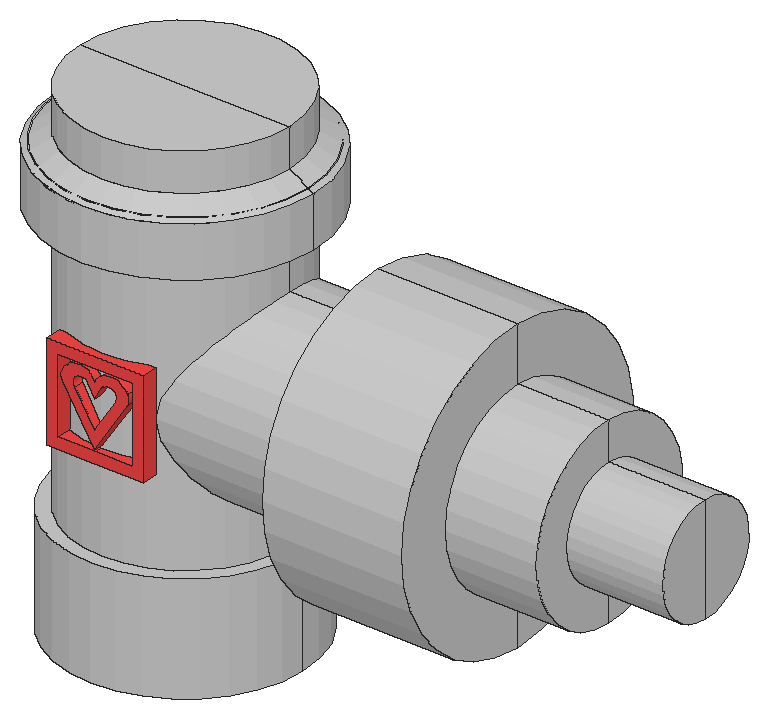
Revit family "RL-5 Rücklaufventil Eck 3924", category Rohrzubehör, Revit 2018
Family settings
  Bemaßung runder Anschluss = Durchmesser verwenden
  Teiletyp = Unterbricht
  OmniClass-Nummer = 23.65.55.14
  OmniClass-Titel = Valves for Liquid Services
  Arbeitsebenenbasiert = Nein
  Immer vertikal = Nein
  Beim Laden mit Abzugskörper schneiden = Nein
  Gemeinsam genutzt = Nein
Parameters
  W01 = 120.00°  # constant formula
  URL = "www.herz-armaturen.at"
  SCRNSEQ = "ARM;ARM_TYP=\"ALLF\";2"
  SCRNCODE = "05;01;02"  # constant formula
  S04 = 45.000 mm  # constant formula
  S03 [instance] = H02 - 5.000 mm + 41.000 mm  # 54.000 mm
  S02 [instance] = L04 + L03 - L02  # 23.000 mm
  S01 = 10.000 mm  # constant formula
  R04 = 9.750 mm  # constant formula
  R03 = 12.000 mm  # constant formula
  R02 = 9.750 mm  # constant formula
  Nennweite [instance] = 10.000 mm
  Medium = "Heizwasserqualität entsprechend ÖNORM H 5195 bzw. VDI-Richtllinie 2035."
  Max.Betriebstemperatur = 120 °C  # constant formula
  Max.Betriebsdruck = 1000000.0 Pa  # constant formula
  LO1 [instance] = D03 - 0.500 mm  # 11.000 mm
  L04 [instance] = size_lookup("3924_5_", "L4", 1.000 mm, Nennweite)  # 17.500 mm
  L03 [instance] = size_lookup("3924_5_", "L3", 1.000 mm, Nennweite)  # 13.000 mm
  L02 [instance] = size_lookup("3924_5_", "L2", 1.000 mm, Nennweite)  # 7.500 mm
  L01 [instance] = size_lookup("3924_5_", "L1", 1.000 mm, Nennweite)  # 25.500 mm
  Hersteller = "HERZ Armaturen Ges.m.b.H."  # constant formula
  H07 [instance] = H02 - H04  # 13.000 mm
  H06 = 3.500 mm  # constant formula
  H05 = 9.500 mm  # constant formula
  H04 = 5.000 mm  # constant formula
  H03 [instance] = size_lookup("3924_5_", "H3", 1.000 mm, Nennweite)  # 10.000 mm
  H02 [instance] = size_lookup("3924_5_", "H2", 1.000 mm, Nennweite)  # 18.000 mm
  H01 [instance] = size_lookup("3924_5_", "H1", 1.000 mm, Nennweite)  # 22.500 mm
  Gehäuse = "vernickeltes Messing"  # constant formula
  GT1 [instance] = size_lookup("3924_5_", "GT1", 1.000 mm, Nennweite)  # 9.000 mm
  GT [instance] = size_lookup("3924_5_", "GT", 1.000 mm, Nennweite)  # 10.000 mm
  G2 [instance] = Nennweite / 2  # 5.000 mm
  G1 [instance] = Nennweite / 2  # 5.000 mm
  R01 = 11.000 mm  # constant formula
  D06 [instance] = 8.750 mm  # constant formula
  D05 [instance] = size_lookup("3924_5_", "D5", 1.000 mm, Nennweite)  # 8.500 mm
  D04 [instance] = size_lookup("3924_5_", "D4", 1.000 mm, Nennweite)  # 13.500 mm
  D03 [instance] = 11.500 mm  # constant formula
  D02 [instance] = size_lookup("3924_5_", "D2", 1.000 mm, Nennweite)  # 7.940 mm
  D01 [instance] = size_lookup("3924_5_", "D1", 1.000 mm, Nennweite)  # 11.000 mm
  Bestellnummer [instance] = size_lookup("3924_5_", "Artnr", 0, Nennweite)  # 1392400
  Ausführungen = "Alle Modelle werden in vernickelter Ausführung geliefert und sind Universalmodelle mit Spezialmuffe für Gewinderohr\r\nund Klemmsetanschluß."
  Anwendungsgebiet = "Warmwasser-Heizungsanlagen\r\nDurch den Einbau des Rücklaufventils ist der Heizkörper-Rücklaufanschluß absperrbar.\r\nBei gleichzeitiger Absperrung des Vorlaufventils kann der Heizkörper bei unter Druck stehender Anlage demontiert werden.\r\nServicearbeiten oder Arbeiten an der Wand hinter dem Heizkörper (Tapezierung, Verfliesung) sind durchführbar, ohne die übrige Anlage stillsetzen zu müssen.\r\nMit dem HERZ-RL-5-Ventil kann die durch den Heizkörper strömende Wassermenge entsprechend der geforderten Leistung genau einreguliert werden.\r\nDies empfiehlt sich besonders beim Einbau von Thermostatventilen ohne Voreinstellung, weil durch die Begrenzung der Wassermenge voll wirksam wird und das hydraulische Gleichgewicht der Anlage erhalten bleibt.\r\nÜber das HERZ-RL-5-Ventil kann der Heizkörper oder die Anlage gefüllt oder entleert werden."
Reference planes
  plane 1 "Mitte (Vorne/hinten)": y = 0
  plane 2: z = 0
  plane 3 "Mitte (Links/rechts)": x = 0
Forms (mm)
  Revolve 1, solid, material "Messing, weicher Gelbton, geschweißt", detail levels fine
    sketch origin (0, 0, 0) x (1, 0, 0) y (0, 0, 1)
      loop
        line (0, 18) -> (-11.5, 18) -> (-11.5, 13) -> (-9.75, 13) -> (-9.75, -12.5) -> (-11, -12.5) -> (-11, -22.5) -> (-5, -22.5) -> (-5, -12.5) -> (0, -12.5) -> (0, 18)
      axis (0, 18) -> (0, -22.5)
    angle from 0 to 360
  Revolve 2, solid, material "Messing, weicher Gelbton, geschweißt", detail levels fine
    sketch origin (0, 0, 0) x (1, 0, 0) y (0, 0, 1)
      loop
        line (0, 0) -> (25.5, 0) -> (25.5, 7.94) -> (18, 7.94) -> (18, 8.75) -> (0, 8.75) -> (0, 0)
      axis (0, 0) -> (25.5, 0)
    angle from 0 to 360
  Revolve 3, solid, material "Messing, weicher Gelbton, geschweißt", detail levels fine
    sketch origin (-1, 0, 0) x (1, 0, 0) y (0, 0, 1)
      loop
        line (26.5, 0) -> (49.5, 0) -> (49.5, 5) -> (40.5, 5) -> (40.5, 8.5) -> (32, 8.5) -> (32, 13.5) -> (19, 13.5) -> (19, 7.94) -> (26.5, 7.94) -> (26.5, 0)
      axis (19, 0) -> (49.5, 0)
    angle from 0 to 360
  Revolve 4, solid, material "Messing, weicher Gelbton, geschweißt", detail levels fine
    sketch origin (0, 0, 1.5) x (1, 0, 0) y (0, 0, 1)
      loop
        line (0, 11.5) -> (12, 11.5) -> (12, 16.201) -> (9.75, 17.5) -> (9.75, 21) -> (0, 21) -> (0, 11.5)
      axis (0, 21) -> (0, 11.5)
    angle from 0 to 360
Lines and regions (mm)
  model lines, detail levels coarse+medium
    curve 1: line (0, 0, 0) -> (11, 0, -22.5)
    curve 2: line (11, 0, -22.5) -> (-11, 0, -22.5)
    curve 3: line (-11, 0, -22.5) -> (0, 0, 0)
    curve 4: line (0, 0, 0) -> (25.5, 0, 13.5)
    curve 5: line (25.5, 0, 13.5) -> (25.5, 0, -13.5)
    curve 6: line (25.5, 0, -13.5) -> (0, 0, 0)
    curve 7: line (25.5, 0, 13.5) -> (35.5, 0, 13.5)
    curve 8: line (35.5, 0, 13.5) -> (25.5, 0, 0)
    curve 9: line (25.5, 0, -13.5) -> (35.5, 0, -13.5)
    curve 10: line (35.5, 0, -13.5) -> (25.5, 0, 0)
    curve 11: line (25.5, 0, 0) -> (48.5, 0, 0)
    curve 12: line (0, 0, 0) -> (11, -22.5, 0)
    curve 13: line (11, -22.5, 0) -> (-11, -22.5, 0)
    curve 14: line (-11, -22.5, 0) -> (0, 0, 0)
    curve 15: line (0, 0, 0) -> (25.5, 13.5, 0)
    curve 16: line (25.5, 13.5, 0) -> (25.5, -13.5, 0)
    curve 17: line (25.5, -13.5, 0) -> (0, 0, 0)
    curve 18: line (25.5, 13.5, 0) -> (35.5, 13.5, 0)
    curve 19: line (35.5, 13.5, 0) -> (25.5, 0, 0)
    curve 20: line (25.5, -13.5, 0) -> (35.5, -13.5, 0)
    curve 21: line (25.5, 0, 0) -> (35.5, -13.5, 0)
Dimensions and locks
  "H02": Revolve 1 sketch curve to plane 2
  "H01": plane 2 to Revolve 1 sketch curve
  "G1": Revolve 1 sketch curve to Revolve 1 sketch curve
  "D01": Revolve 1 sketch curve to Revolve 1 sketch curve
  "GT": Revolve 1 sketch curve to Revolve 1 sketch curve
  "H03": Revolve 1 sketch curve to Revolve 1 sketch curve
  "D02": Revolve 2 sketch curve to Revolve 2 sketch curve
  "D06": Revolve 2 sketch curve to Revolve 2 sketch curve
  "L02": Revolve 2 sketch curve to Revolve 2 sketch curve
  "R02": nested 1 to plane 1 "Mitte (Vorne/hinten)"
  "L02": Revolve 3 sketch curve to Revolve 3 sketch curve
  "L03": Revolve 3 sketch curve to Revolve 3 sketch curve
  "L04": Revolve 3 sketch curve to Revolve 3 sketch curve
  "D04": Revolve 3 sketch curve to Revolve 3 sketch curve
  "G2": Revolve 3 sketch curve to Revolve 3 sketch curve
  "D05": Revolve 3 sketch curve to Revolve 3 sketch curve
  "GT1": Revolve 3 sketch curve to Revolve 3 sketch curve
  "L01": plane 3 "Mitte (Links/rechts)" to Revolve 3 sketch curve
  "D02": Revolve 3 sketch curve to plane 2
  "H01": plane 2 to curve 2
  "L01": curve 5 to plane 3 "Mitte (Links/rechts)"
  "D01": curve 2 to plane 3 "Mitte (Links/rechts)" to curve 3
  "D04": curve 5 to plane 2 to curve 6
  "S01": curve 5 to curve 8
  "S01": curve 5 to curve 10
  "S02": curve 11 to curve 11
  "H01": curve 13 to plane 1 "Mitte (Vorne/hinten)"
  "D01": curve 14 to plane 3 "Mitte (Links/rechts)" to curve 13
  "L01": plane 3 "Mitte (Links/rechts)" to curve 16
  "D04": curve 17 to plane 1 "Mitte (Vorne/hinten)" to curve 16
  "S01": curve 16 to curve 19
  "S01": curve 16 to curve 21
  "R02": Revolve 1 sketch curve to Revolve 1 sketch curve
  "D03": Revolve 1 sketch curve to Revolve 1 sketch curve
  "H04": Revolve 1 sketch curve to Revolve 1 sketch curve
  "L01": Revolve 2 sketch curve to plane 3 "Mitte (Links/rechts)"
  "H05": Revolve 4 sketch curve to Revolve 4 sketch curve
  "R04": Revolve 4 sketch curve to Revolve 4 sketch curve
  "R03": Revolve 4 sketch curve to Revolve 4 sketch curve
  "H06": Revolve 4 sketch curve to Revolve 4 sketch curve
  "H07": Revolve 4 sketch curve to plane 2
  "W01": angle Revolve 4 sketch curve to Revolve 4 sketch curve
  aligned and locked: level to plane 2
Automatic sketch dimensions
  curve 4 to level = 0.000 mm
  curve 4 to plane 3 "Mitte (Links/rechts)" = 0.000 mm
  curve 11 to level = 0.000 mm
  curve 8 to level = 0.000 mm
  plane 1 "Mitte (Vorne/hinten)" to curve 14 = 0.000 mm
  curve 14 to plane 3 "Mitte (Links/rechts)" = 0.000 mm
  plane 1 "Mitte (Vorne/hinten)" to curve 19 = 0.000 mm
  Revolve 1 sketch curve to plane 3 "Mitte (Links/rechts)" = 0.000 mm  (x2)
  Revolve 1 sketch curve to Revolve 1 sketch curve = 345.545 mm
  Revolve 1 sketch curve to Revolve 1 sketch curve = 2189.815 mm
  Revolve 2 sketch curve to level = 0.000 mm  (x2)
  Revolve 2 sketch curve to plane 3 "Mitte (Links/rechts)" = 0.000 mm
  Revolve 2 sketch curve to plane 3 "Mitte (Links/rechts)" = 9.500 mm
  Revolve 2 sketch curve to Revolve 2 sketch curve = 1815.148 mm
  Revolve 3 sketch curve to level = 0.000 mm  (x2)
  Revolve 3 sketch curve to plane 3 "Mitte (Links/rechts)" = 1507.530 mm
  Revolve 3 sketch curve to Revolve 3 sketch curve = 1789.648 mm
  Revolve 4 sketch curve to plane 3 "Mitte (Links/rechts)" = 0.000 mm  (x2)
  Revolve 4 sketch curve to level = 364.545 mm
  Revolve 4 sketch curve to Revolve 4 sketch curve = 2188.615 mm
Nested families
  nested 1: "Herz-Logo-vorne" at (0, -9.75, 0) x (0, -1, 0) z (0, 0, 1), type "Herz-Logo-vorne", detail levels fine
Connectors
  piping at (0, 0, -12.5), diameter 10, driven by "Nennweite"
    settings: on Revolve 1, index 1, connector inside diameter 609.6 mm, connector length 0.000 mm, flow factor 0, pipe flow 0.0 L/s, pressure drop 0.0 Pa, fitting loss kfactor 0, connector angle 0.00°, fixture units 0, engagement length 0.000 mm, angle of deflection 0.00°, flow configuration 0, flow direction 1, fitting loss method 0, system type 8, joint type 0, gender type 0, connector reference index -1, connector utility 0, adjustable connector no, is connector primary yes, connector description ""
  piping at (48.5, 0, 0), diameter 10, driven by "Nennweite"
    settings: on Revolve 3, index 2, connector inside diameter 609.6 mm, connector length 0.000 mm, flow factor 0, pipe flow 0.0 L/s, pressure drop 0.0 Pa, fitting loss kfactor 0, connector angle 0.00°, fixture units 0, engagement length 0.000 mm, angle of deflection 0.00°, flow configuration 0, flow direction 2, fitting loss method 0, system type 8, joint type 0, gender type 0, connector reference index -1, connector utility 0, adjustable connector no, is connector primary no, connector description ""
Definition of nested family "Herz-Logo-vorne"
  Reference planes
    plane 1 "Mitte (Vorne/hinten)": y = 0
    plane 2: z = 0
    plane 3 "Mitte (Links/rechts)": x = 0
  Forms (mm)
    Extrusion 1, solid
      sketch origin (0.732, -0.018, 0.017) x (0, -1, 0) y (0, 0, 1)
        loop
          line (-0.018, -4.517) -> (4.482, -4.517) -> (4.482, 4.483) -> (-4.518, 4.483) -> (-4.518, -4.517) -> (-0.018, -4.517)
        loop
          line (-0.05, -3.48) -> (3.482, -3.48) -> (3.482, 3.483) -> (-3.518, 3.483) -> (-3.518, -3.48) -> (-0.05, -3.48)
        loop
          arc (-0.018, 2.383) -> (-1.543, 3.287) -> (-3.067, 2.383) r 1.738
          arc (-3.067, 2.383) -> (-3.191, 1.899) -> (-3.067, 1.415) r 1.009
          line (-3.067, 1.415) -> (-0.018, -3.281) -> (3.032, 1.415)
          arc (3.032, 1.415) -> (3.156, 1.899) -> (3.032, 2.383) r 1.009
          arc (3.032, 2.383) -> (1.507, 3.287) -> (-0.018, 2.383) r 1.738
        loop
          arc (1.885, 1.272) -> (2.005, 1.675) -> (1.885, 2.079) r 0.74
          arc (1.885, 2.079) -> (1.265, 2.416) -> (0.644, 2.079) r 0.74
          line (0.644, 2.079) -> (-0.018, 0.97) -> (-0.679, 2.079)
          arc (-0.679, 2.079) -> (-1.3, 2.416) -> (-1.921, 2.079) r 0.74
          arc (-1.921, 2.079) -> (-2.04, 1.675) -> (-1.921, 1.272) r 0.74
          line (-1.921, 1.272) -> (-0.018, -1.658) -> (1.885, 1.272)
      from 0 to 1.5
  Dimensions and locks
    aligned and locked: level to plane 2
